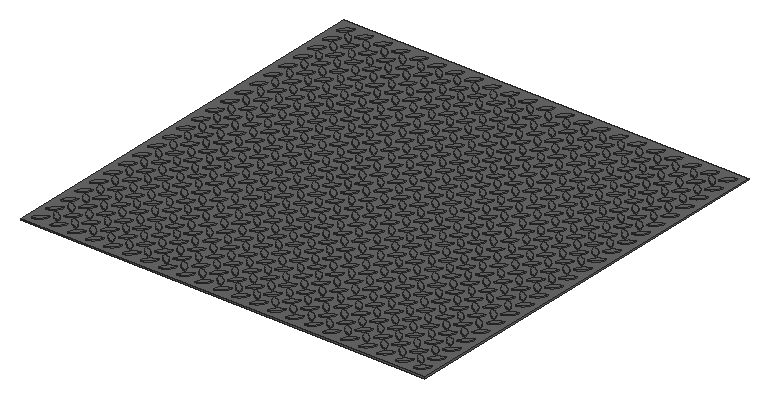
Revit family "141012021113804", category Modelos genéricos, Revit 2018 (continued)
Automatic sketch dimensions
  Blend 772 sketch curve to Blend 772 sketch curve = 0.855 mm  (x2)
  Blend 772 sketch curve to Blend 772 sketch curve = 0.00 mm  (x6)
  Blend 773 sketch curve to Blend 773 sketch curve = 23.647 mm  (x6)
  Blend 773 sketch curve to Blend 773 sketch curve = 16.459 mm  (x6)
  Blend 773 sketch curve to Blend 773 sketch curve = 0.855 mm  (x2)
  Blend 773 sketch curve to Blend 773 sketch curve = 0.00 mm  (x6)
  Blend 774 sketch curve to Blend 774 sketch curve = 23.647 mm  (x6)
  Blend 774 sketch curve to Blend 774 sketch curve = 16.459 mm  (x6)
  Blend 774 sketch curve to Blend 774 sketch curve = 0.855 mm  (x2)
  Blend 774 sketch curve to Blend 774 sketch curve = 0.00 mm  (x6)
  Blend 775 sketch curve to Blend 775 sketch curve = 23.647 mm  (x6)
  Blend 775 sketch curve to Blend 775 sketch curve = 16.459 mm  (x6)
  Blend 775 sketch curve to Blend 775 sketch curve = 0.855 mm  (x2)
  Blend 775 sketch curve to Blend 775 sketch curve = 0.00 mm  (x6)
  Blend 776 sketch curve to Blend 776 sketch curve = 23.647 mm  (x6)
  Blend 776 sketch curve to Blend 776 sketch curve = 16.459 mm  (x6)
  Blend 776 sketch curve to Blend 776 sketch curve = 0.855 mm  (x2)
  Blend 776 sketch curve to Blend 776 sketch curve = 0.00 mm  (x6)
  Blend 777 sketch curve to Blend 777 sketch curve = 23.647 mm  (x6)
  Blend 777 sketch curve to Blend 777 sketch curve = 16.459 mm  (x6)
  Blend 777 sketch curve to Blend 777 sketch curve = 0.855 mm  (x2)
  Blend 777 sketch curve to Blend 777 sketch curve = 0.00 mm  (x6)
  Blend 778 sketch curve to Blend 778 sketch curve = 23.647 mm  (x6)
  Blend 778 sketch curve to Blend 778 sketch curve = 16.459 mm  (x6)
  Blend 778 sketch curve to Blend 778 sketch curve = 0.855 mm  (x2)
  Blend 778 sketch curve to Blend 778 sketch curve = 0.00 mm  (x6)
  Blend 779 sketch curve to Blend 779 sketch curve = 23.647 mm  (x6)
  Blend 779 sketch curve to Blend 779 sketch curve = 16.459 mm  (x6)
  Blend 779 sketch curve to Blend 779 sketch curve = 0.855 mm  (x2)
  Blend 779 sketch curve to Blend 779 sketch curve = 0.00 mm  (x6)
  Blend 780 sketch curve to Blend 780 sketch curve = 23.647 mm  (x6)
  Blend 780 sketch curve to Blend 780 sketch curve = 16.459 mm  (x6)
  Blend 780 sketch curve to Blend 780 sketch curve = 0.855 mm  (x2)
  Blend 780 sketch curve to Blend 780 sketch curve = 0.00 mm  (x6)
  Blend 781 sketch curve to Blend 781 sketch curve = 23.647 mm  (x6)
  Blend 781 sketch curve to Blend 781 sketch curve = 16.459 mm  (x6)
  Blend 781 sketch curve to Blend 781 sketch curve = 0.855 mm  (x2)
  Blend 781 sketch curve to Blend 781 sketch curve = 0.00 mm  (x6)
  Blend 782 sketch curve to Blend 782 sketch curve = 23.647 mm  (x6)
  Blend 782 sketch curve to Blend 782 sketch curve = 16.459 mm  (x6)
  Blend 782 sketch curve to Blend 782 sketch curve = 0.855 mm  (x2)
  Blend 782 sketch curve to Blend 782 sketch curve = 0.00 mm  (x6)
  Blend 783 sketch curve to Blend 783 sketch curve = 23.647 mm  (x6)
  Blend 783 sketch curve to Blend 783 sketch curve = 16.459 mm  (x6)
  Blend 783 sketch curve to Blend 783 sketch curve = 0.855 mm  (x2)
  Blend 783 sketch curve to Blend 783 sketch curve = 0.00 mm  (x6)
  Blend 784 sketch curve to Blend 784 sketch curve = 23.647 mm  (x6)
  Blend 784 sketch curve to Blend 784 sketch curve = 16.459 mm  (x6)
  Blend 784 sketch curve to Blend 784 sketch curve = 0.855 mm  (x2)
  Blend 784 sketch curve to Blend 784 sketch curve = 0.00 mm  (x6)
  Blend 785 sketch curve to Blend 785 sketch curve = 23.647 mm  (x6)
  Blend 785 sketch curve to Blend 785 sketch curve = 16.459 mm  (x6)
  Blend 785 sketch curve to Blend 785 sketch curve = 0.855 mm  (x2)
  Blend 785 sketch curve to Blend 785 sketch curve = 0.00 mm  (x6)
  Blend 786 sketch curve to Blend 786 sketch curve = 23.647 mm  (x6)
  Blend 786 sketch curve to Blend 786 sketch curve = 16.459 mm  (x6)
  Blend 786 sketch curve to Blend 786 sketch curve = 0.855 mm  (x2)
  Blend 786 sketch curve to Blend 786 sketch curve = 0.00 mm  (x6)
  Blend 787 sketch curve to Blend 787 sketch curve = 23.647 mm  (x6)
  Blend 787 sketch curve to Blend 787 sketch curve = 16.459 mm  (x6)
  Blend 787 sketch curve to Blend 787 sketch curve = 0.855 mm  (x2)
  Blend 787 sketch curve to Blend 787 sketch curve = 0.00 mm  (x6)
  Blend 788 sketch curve to Blend 788 sketch curve = 23.647 mm  (x6)
  Blend 788 sketch curve to Blend 788 sketch curve = 16.459 mm  (x6)
  Blend 788 sketch curve to Blend 788 sketch curve = 0.855 mm  (x2)
  Blend 788 sketch curve to Blend 788 sketch curve = 0.00 mm  (x6)
  Blend 789 sketch curve to Blend 789 sketch curve = 23.647 mm  (x6)
  Blend 789 sketch curve to Blend 789 sketch curve = 16.459 mm  (x6)
  Blend 789 sketch curve to Blend 789 sketch curve = 0.855 mm  (x2)
  Blend 789 sketch curve to Blend 789 sketch curve = 0.00 mm  (x6)
  Blend 790 sketch curve to Blend 790 sketch curve = 23.647 mm  (x6)
  Blend 790 sketch curve to Blend 790 sketch curve = 16.459 mm  (x6)
  Blend 790 sketch curve to Blend 790 sketch curve = 0.855 mm  (x2)
  Blend 790 sketch curve to Blend 790 sketch curve = 0.00 mm  (x6)
  Blend 791 sketch curve to Blend 791 sketch curve = 23.647 mm  (x6)
  Blend 791 sketch curve to Blend 791 sketch curve = 16.459 mm  (x6)
  Blend 791 sketch curve to Blend 791 sketch curve = 0.855 mm  (x2)
  Blend 791 sketch curve to Blend 791 sketch curve = 0.00 mm  (x6)
  Blend 792 sketch curve to Blend 792 sketch curve = 23.647 mm  (x6)
  Blend 792 sketch curve to Blend 792 sketch curve = 16.459 mm  (x6)
  Blend 792 sketch curve to Blend 792 sketch curve = 0.855 mm  (x2)
  Blend 792 sketch curve to Blend 792 sketch curve = 0.00 mm  (x6)
  Blend 793 sketch curve to Blend 793 sketch curve = 23.647 mm  (x6)
  Blend 793 sketch curve to Blend 793 sketch curve = 16.459 mm  (x6)
  Blend 793 sketch curve to Blend 793 sketch curve = 0.855 mm  (x2)
  Blend 793 sketch curve to Blend 793 sketch curve = 0.00 mm  (x6)
  Blend 794 sketch curve to Blend 794 sketch curve = 23.647 mm  (x6)
  Blend 794 sketch curve to Blend 794 sketch curve = 16.459 mm  (x6)
  Blend 794 sketch curve to Blend 794 sketch curve = 0.855 mm  (x2)
  Blend 794 sketch curve to Blend 794 sketch curve = 0.00 mm  (x6)
  Blend 795 sketch curve to Blend 795 sketch curve = 23.647 mm  (x6)
  Blend 795 sketch curve to Blend 795 sketch curve = 16.459 mm  (x6)
  Blend 795 sketch curve to Blend 795 sketch curve = 0.855 mm  (x2)
  Blend 795 sketch curve to Blend 795 sketch curve = 0.00 mm  (x6)
  Blend 796 sketch curve to Blend 796 sketch curve = 23.647 mm  (x6)
  Blend 796 sketch curve to Blend 796 sketch curve = 16.459 mm  (x6)
  Blend 796 sketch curve to Blend 796 sketch curve = 0.855 mm  (x2)
  Blend 796 sketch curve to Blend 796 sketch curve = 0.00 mm  (x6)
  Blend 797 sketch curve to Blend 797 sketch curve = 23.647 mm  (x6)
  Blend 797 sketch curve to Blend 797 sketch curve = 16.459 mm  (x6)
  Blend 797 sketch curve to Blend 797 sketch curve = 0.855 mm  (x2)
  Blend 797 sketch curve to Blend 797 sketch curve = 0.00 mm  (x6)
  Blend 798 sketch curve to Blend 798 sketch curve = 23.647 mm  (x6)
  Blend 798 sketch curve to Blend 798 sketch curve = 16.459 mm  (x6)
  Blend 798 sketch curve to Blend 798 sketch curve = 0.855 mm  (x2)
  Blend 798 sketch curve to Blend 798 sketch curve = 0.00 mm  (x6)
  Blend 799 sketch curve to Blend 799 sketch curve = 23.647 mm  (x6)
  Blend 799 sketch curve to Blend 799 sketch curve = 16.459 mm  (x6)
  Blend 799 sketch curve to Blend 799 sketch curve = 0.855 mm  (x2)
  Blend 799 sketch curve to Blend 799 sketch curve = 0.00 mm  (x6)
  Blend 800 sketch curve to Blend 800 sketch curve = 23.647 mm  (x6)
  Blend 800 sketch curve to Blend 800 sketch curve = 16.459 mm  (x6)
  Blend 800 sketch curve to Blend 800 sketch curve = 0.855 mm  (x2)
  Blend 800 sketch curve to Blend 800 sketch curve = 0.00 mm  (x6)
  Blend 801 sketch curve to Blend 801 sketch curve = 23.647 mm  (x6)
  Blend 801 sketch curve to Blend 801 sketch curve = 16.459 mm  (x6)
  Blend 801 sketch curve to Blend 801 sketch curve = 0.855 mm  (x2)
  Blend 801 sketch curve to Blend 801 sketch curve = 0.00 mm  (x6)
  Blend 802 sketch curve to Blend 802 sketch curve = 23.647 mm  (x6)
  Blend 802 sketch curve to Blend 802 sketch curve = 16.459 mm  (x6)
  Blend 802 sketch curve to Blend 802 sketch curve = 0.855 mm  (x2)
  Blend 802 sketch curve to Blend 802 sketch curve = 0.00 mm  (x6)
  Blend 803 sketch curve to Blend 803 sketch curve = 23.647 mm  (x6)
  Blend 803 sketch curve to Blend 803 sketch curve = 16.459 mm  (x6)
  Blend 803 sketch curve to Blend 803 sketch curve = 0.855 mm  (x2)
  Blend 803 sketch curve to Blend 803 sketch curve = 0.00 mm  (x6)
  Blend 804 sketch curve to Blend 804 sketch curve = 23.647 mm  (x6)
  Blend 804 sketch curve to Blend 804 sketch curve = 16.459 mm  (x6)
  Blend 804 sketch curve to Blend 804 sketch curve = 0.855 mm  (x2)
  Blend 804 sketch curve to Blend 804 sketch curve = 0.00 mm  (x6)
  Blend 805 sketch curve to Blend 805 sketch curve = 23.647 mm  (x6)
  Blend 805 sketch curve to Blend 805 sketch curve = 16.459 mm  (x6)
  Blend 805 sketch curve to Blend 805 sketch curve = 0.855 mm  (x2)
  Blend 805 sketch curve to Blend 805 sketch curve = 0.00 mm  (x6)
  Blend 806 sketch curve to Blend 806 sketch curve = 23.647 mm  (x6)
  Blend 806 sketch curve to Blend 806 sketch curve = 16.459 mm  (x6)
  Blend 806 sketch curve to Blend 806 sketch curve = 0.855 mm  (x2)
  Blend 806 sketch curve to Blend 806 sketch curve = 0.00 mm  (x6)
  Blend 807 sketch curve to Blend 807 sketch curve = 23.647 mm  (x6)
  Blend 807 sketch curve to Blend 807 sketch curve = 16.459 mm  (x6)
  Blend 807 sketch curve to Blend 807 sketch curve = 0.855 mm  (x2)
  Blend 807 sketch curve to Blend 807 sketch curve = 0.00 mm  (x6)
  Blend 808 sketch curve to Blend 808 sketch curve = 23.647 mm  (x6)
  Blend 808 sketch curve to Blend 808 sketch curve = 16.459 mm  (x6)
  Blend 808 sketch curve to Blend 808 sketch curve = 0.855 mm  (x2)
  Blend 808 sketch curve to Blend 808 sketch curve = 0.00 mm  (x6)
  Blend 809 sketch curve to Blend 809 sketch curve = 23.647 mm  (x6)
  Blend 809 sketch curve to Blend 809 sketch curve = 16.459 mm  (x6)
  Blend 809 sketch curve to Blend 809 sketch curve = 0.855 mm  (x2)
  Blend 809 sketch curve to Blend 809 sketch curve = 0.00 mm  (x6)
  Blend 810 sketch curve to Blend 810 sketch curve = 23.647 mm  (x6)
  Blend 810 sketch curve to Blend 810 sketch curve = 16.459 mm  (x6)
  Blend 810 sketch curve to Blend 810 sketch curve = 0.855 mm  (x2)
  Blend 810 sketch curve to Blend 810 sketch curve = 0.00 mm  (x6)
  Blend 811 sketch curve to Blend 811 sketch curve = 23.647 mm  (x6)
  Blend 811 sketch curve to Blend 811 sketch curve = 16.459 mm  (x6)
  Blend 811 sketch curve to Blend 811 sketch curve = 0.855 mm  (x2)
  Blend 811 sketch curve to Blend 811 sketch curve = 0.00 mm  (x6)
  Blend 812 sketch curve to Blend 812 sketch curve = 23.647 mm  (x6)
  Blend 812 sketch curve to Blend 812 sketch curve = 16.459 mm  (x6)
  Blend 812 sketch curve to Blend 812 sketch curve = 0.855 mm  (x2)
  Blend 812 sketch curve to Blend 812 sketch curve = 0.00 mm  (x6)
  Blend 813 sketch curve to Blend 813 sketch curve = 23.647 mm  (x6)
  Blend 813 sketch curve to Blend 813 sketch curve = 16.459 mm  (x6)
  Blend 813 sketch curve to Blend 813 sketch curve = 0.855 mm  (x2)
  Blend 813 sketch curve to Blend 813 sketch curve = 0.00 mm  (x6)
  Blend 814 sketch curve to Blend 814 sketch curve = 23.647 mm  (x6)
  Blend 814 sketch curve to Blend 814 sketch curve = 16.459 mm  (x6)
  Blend 814 sketch curve to Blend 814 sketch curve = 0.855 mm  (x2)
  Blend 814 sketch curve to Blend 814 sketch curve = 0.00 mm  (x6)
  Blend 815 sketch curve to Blend 815 sketch curve = 23.647 mm  (x6)
  Blend 815 sketch curve to Blend 815 sketch curve = 16.459 mm  (x6)
  Blend 815 sketch curve to Blend 815 sketch curve = 0.855 mm  (x2)
  Blend 815 sketch curve to Blend 815 sketch curve = 0.00 mm  (x6)
  Blend 816 sketch curve to Blend 816 sketch curve = 23.647 mm  (x6)
  Blend 816 sketch curve to Blend 816 sketch curve = 16.459 mm  (x6)
  Blend 816 sketch curve to Blend 816 sketch curve = 0.855 mm  (x2)
  Blend 816 sketch curve to Blend 816 sketch curve = 0.00 mm  (x6)
  Blend 817 sketch curve to Blend 817 sketch curve = 23.647 mm  (x6)
  Blend 817 sketch curve to Blend 817 sketch curve = 16.459 mm  (x6)
  Blend 817 sketch curve to Blend 817 sketch curve = 0.855 mm  (x2)
  Blend 817 sketch curve to Blend 817 sketch curve = 0.00 mm  (x6)
  Blend 818 sketch curve to Blend 818 sketch curve = 23.647 mm  (x6)
  Blend 818 sketch curve to Blend 818 sketch curve = 16.459 mm  (x6)
  Blend 818 sketch curve to Blend 818 sketch curve = 0.855 mm  (x2)
  Blend 818 sketch curve to Blend 818 sketch curve = 0.00 mm  (x6)
  Blend 819 sketch curve to Blend 819 sketch curve = 23.647 mm  (x6)
  Blend 819 sketch curve to Blend 819 sketch curve = 16.459 mm  (x6)
  Blend 819 sketch curve to Blend 819 sketch curve = 0.855 mm  (x2)
  Blend 819 sketch curve to Blend 819 sketch curve = 0.00 mm  (x6)
  Blend 820 sketch curve to Blend 820 sketch curve = 23.647 mm  (x6)
  Blend 820 sketch curve to Blend 820 sketch curve = 16.459 mm  (x6)
  Blend 820 sketch curve to Blend 820 sketch curve = 0.855 mm  (x2)
  Blend 820 sketch curve to Blend 820 sketch curve = 0.00 mm  (x6)
  Blend 821 sketch curve to Blend 821 sketch curve = 23.647 mm  (x6)
  Blend 821 sketch curve to Blend 821 sketch curve = 16.459 mm  (x6)
  Blend 821 sketch curve to Blend 821 sketch curve = 0.855 mm  (x2)
  Blend 821 sketch curve to Blend 821 sketch curve = 0.00 mm  (x6)
  Blend 822 sketch curve to Blend 822 sketch curve = 23.647 mm  (x6)
  Blend 822 sketch curve to Blend 822 sketch curve = 16.459 mm  (x6)
  Blend 822 sketch curve to Blend 822 sketch curve = 0.855 mm  (x2)
  Blend 822 sketch curve to Blend 822 sketch curve = 0.00 mm  (x6)
  Blend 823 sketch curve to Blend 823 sketch curve = 23.647 mm  (x6)
  Blend 823 sketch curve to Blend 823 sketch curve = 16.459 mm  (x6)
  Blend 823 sketch curve to Blend 823 sketch curve = 0.855 mm  (x2)
  Blend 823 sketch curve to Blend 823 sketch curve = 0.00 mm  (x6)
  Blend 824 sketch curve to Blend 824 sketch curve = 23.647 mm  (x6)
  Blend 824 sketch curve to Blend 824 sketch curve = 16.459 mm  (x6)
  Blend 824 sketch curve to Blend 824 sketch curve = 0.855 mm  (x2)
  Blend 824 sketch curve to Blend 824 sketch curve = 0.00 mm  (x6)
  Blend 825 sketch curve to Blend 825 sketch curve = 23.647 mm  (x6)
  Blend 825 sketch curve to Blend 825 sketch curve = 16.459 mm  (x6)
  Blend 825 sketch curve to Blend 825 sketch curve = 0.855 mm  (x2)
  Blend 825 sketch curve to Blend 825 sketch curve = 0.00 mm  (x6)
  Blend 826 sketch curve to Blend 826 sketch curve = 23.647 mm  (x6)
  Blend 826 sketch curve to Blend 826 sketch curve = 16.459 mm  (x6)
  Blend 826 sketch curve to Blend 826 sketch curve = 0.855 mm  (x2)
  Blend 826 sketch curve to Blend 826 sketch curve = 0.00 mm  (x6)
  Blend 827 sketch curve to Blend 827 sketch curve = 23.647 mm  (x6)
  Blend 827 sketch curve to Blend 827 sketch curve = 16.459 mm  (x6)
  Blend 827 sketch curve to Blend 827 sketch curve = 0.855 mm  (x2)
  Blend 827 sketch curve to Blend 827 sketch curve = 0.00 mm  (x6)
  Blend 828 sketch curve to Blend 828 sketch curve = 23.647 mm  (x6)
  Blend 828 sketch curve to Blend 828 sketch curve = 16.459 mm  (x6)
  Blend 828 sketch curve to Blend 828 sketch curve = 0.855 mm  (x2)
  Blend 828 sketch curve to Blend 828 sketch curve = 0.00 mm  (x6)
  Blend 829 sketch curve to Blend 829 sketch curve = 23.647 mm  (x6)
  Blend 829 sketch curve to Blend 829 sketch curve = 16.459 mm  (x6)
  Blend 829 sketch curve to Blend 829 sketch curve = 0.855 mm  (x2)
  Blend 829 sketch curve to Blend 829 sketch curve = 0.00 mm  (x6)
  Blend 830 sketch curve to Blend 830 sketch curve = 23.647 mm  (x6)
  Blend 830 sketch curve to Blend 830 sketch curve = 16.459 mm  (x6)
  Blend 830 sketch curve to Blend 830 sketch curve = 0.855 mm  (x2)
  Blend 830 sketch curve to Blend 830 sketch curve = 0.00 mm  (x6)
  Blend 831 sketch curve to Blend 831 sketch curve = 23.647 mm  (x6)
  Blend 831 sketch curve to Blend 831 sketch curve = 16.459 mm  (x6)
  Blend 831 sketch curve to Blend 831 sketch curve = 0.855 mm  (x2)
  Blend 831 sketch curve to Blend 831 sketch curve = 0.00 mm  (x6)
  Blend 832 sketch curve to Blend 832 sketch curve = 23.647 mm  (x6)
  Blend 832 sketch curve to Blend 832 sketch curve = 16.459 mm  (x6)
  Blend 832 sketch curve to Blend 832 sketch curve = 0.855 mm  (x2)
  Blend 832 sketch curve to Blend 832 sketch curve = 0.00 mm  (x6)
  Blend 833 sketch curve to Blend 833 sketch curve = 23.647 mm  (x6)
  Blend 833 sketch curve to Blend 833 sketch curve = 16.459 mm  (x6)
  Blend 833 sketch curve to Blend 833 sketch curve = 0.855 mm  (x2)
  Blend 833 sketch curve to Blend 833 sketch curve = 0.00 mm  (x6)
  Blend 834 sketch curve to Blend 834 sketch curve = 23.647 mm  (x6)
  Blend 834 sketch curve to Blend 834 sketch curve = 16.459 mm  (x6)
  Blend 834 sketch curve to Blend 834 sketch curve = 0.855 mm  (x2)
  Blend 834 sketch curve to Blend 834 sketch curve = 0.00 mm  (x6)
  Blend 835 sketch curve to Blend 835 sketch curve = 23.647 mm  (x6)
  Blend 835 sketch curve to Blend 835 sketch curve = 16.459 mm  (x6)
  Blend 835 sketch curve to Blend 835 sketch curve = 0.855 mm  (x2)
  Blend 835 sketch curve to Blend 835 sketch curve = 0.00 mm  (x6)
  Blend 836 sketch curve to Blend 836 sketch curve = 23.647 mm  (x6)
  Blend 836 sketch curve to Blend 836 sketch curve = 16.459 mm  (x6)
  Blend 836 sketch curve to Blend 836 sketch curve = 0.855 mm  (x2)
  Blend 836 sketch curve to Blend 836 sketch curve = 0.00 mm  (x6)
  Blend 837 sketch curve to Blend 837 sketch curve = 23.647 mm  (x6)
  Blend 837 sketch curve to Blend 837 sketch curve = 16.459 mm  (x6)
  Blend 837 sketch curve to Blend 837 sketch curve = 0.855 mm  (x2)
  Blend 837 sketch curve to Blend 837 sketch curve = 0.00 mm  (x6)
  Blend 838 sketch curve to Blend 838 sketch curve = 23.647 mm  (x6)
  Blend 838 sketch curve to Blend 838 sketch curve = 16.459 mm  (x6)
  Blend 838 sketch curve to Blend 838 sketch curve = 0.855 mm  (x2)
  Blend 838 sketch curve to Blend 838 sketch curve = 0.00 mm  (x6)
  Blend 839 sketch curve to Blend 839 sketch curve = 23.647 mm  (x6)
  Blend 839 sketch curve to Blend 839 sketch curve = 16.459 mm  (x6)
  Blend 839 sketch curve to Blend 839 sketch curve = 0.855 mm  (x2)
  Blend 839 sketch curve to Blend 839 sketch curve = 0.00 mm  (x6)
  Blend 840 sketch curve to Blend 840 sketch curve = 23.647 mm  (x6)
  Blend 840 sketch curve to Blend 840 sketch curve = 16.459 mm  (x6)
  Blend 840 sketch curve to Blend 840 sketch curve = 0.855 mm  (x2)
  Blend 840 sketch curve to Blend 840 sketch curve = 0.00 mm  (x6)
  Blend 841 sketch curve to Blend 841 sketch curve = 23.647 mm  (x6)
  Blend 841 sketch curve to Blend 841 sketch curve = 16.459 mm  (x6)
  Blend 841 sketch curve to Blend 841 sketch curve = 0.855 mm  (x2)
  Blend 841 sketch curve to Blend 841 sketch curve = 0.00 mm  (x6)
  Blend 842 sketch curve to Blend 842 sketch curve = 23.647 mm  (x6)
  Blend 842 sketch curve to Blend 842 sketch curve = 16.459 mm  (x6)
  Blend 842 sketch curve to Blend 842 sketch curve = 0.855 mm  (x2)
  Blend 842 sketch curve to Blend 842 sketch curve = 0.00 mm  (x6)
  Blend 843 sketch curve to Blend 843 sketch curve = 23.647 mm  (x6)
  Blend 843 sketch curve to Blend 843 sketch curve = 16.459 mm  (x6)
  Blend 843 sketch curve to Blend 843 sketch curve = 0.855 mm  (x2)
  Blend 843 sketch curve to Blend 843 sketch curve = 0.00 mm  (x6)
  Blend 844 sketch curve to Blend 844 sketch curve = 23.647 mm  (x6)
  Blend 844 sketch curve to Blend 844 sketch curve = 16.459 mm  (x6)
  Blend 844 sketch curve to Blend 844 sketch curve = 0.855 mm  (x2)
  Blend 844 sketch curve to Blend 844 sketch curve = 0.00 mm  (x6)
  Blend 845 sketch curve to Blend 845 sketch curve = 23.647 mm  (x6)
  Blend 845 sketch curve to Blend 845 sketch curve = 16.459 mm  (x6)
  Blend 845 sketch curve to Blend 845 sketch curve = 0.855 mm  (x2)
  Blend 845 sketch curve to Blend 845 sketch curve = 0.00 mm  (x6)
  Blend 846 sketch curve to Blend 846 sketch curve = 23.647 mm  (x6)
  Blend 846 sketch curve to Blend 846 sketch curve = 16.459 mm  (x6)
  Blend 846 sketch curve to Blend 846 sketch curve = 0.855 mm  (x2)
  Blend 846 sketch curve to Blend 846 sketch curve = 0.00 mm  (x6)
  Blend 847 sketch curve to Blend 847 sketch curve = 23.647 mm  (x6)
  Blend 847 sketch curve to Blend 847 sketch curve = 16.459 mm  (x6)
  Blend 847 sketch curve to Blend 847 sketch curve = 0.855 mm  (x2)
  Blend 847 sketch curve to Blend 847 sketch curve = 0.00 mm  (x6)
  Blend 848 sketch curve to Blend 848 sketch curve = 23.647 mm  (x6)
  Blend 848 sketch curve to Blend 848 sketch curve = 16.459 mm  (x6)
  Blend 848 sketch curve to Blend 848 sketch curve = 0.855 mm  (x2)
  Blend 848 sketch curve to Blend 848 sketch curve = 0.00 mm  (x6)
  Blend 849 sketch curve to Blend 849 sketch curve = 23.647 mm  (x6)
  Blend 849 sketch curve to Blend 849 sketch curve = 16.459 mm  (x6)
  Blend 849 sketch curve to Blend 849 sketch curve = 0.855 mm  (x2)
  Blend 849 sketch curve to Blend 849 sketch curve = 0.00 mm  (x6)
  Blend 850 sketch curve to Blend 850 sketch curve = 23.647 mm  (x6)
  Blend 850 sketch curve to Blend 850 sketch curve = 16.459 mm  (x6)
  Blend 850 sketch curve to Blend 850 sketch curve = 0.855 mm  (x2)
  Blend 850 sketch curve to Blend 850 sketch curve = 0.00 mm  (x6)
  Blend 851 sketch curve to Blend 851 sketch curve = 23.647 mm  (x6)
  Blend 851 sketch curve to Blend 851 sketch curve = 16.459 mm  (x6)
  Blend 851 sketch curve to Blend 851 sketch curve = 0.855 mm  (x2)
  Blend 851 sketch curve to Blend 851 sketch curve = 0.00 mm  (x6)
  Blend 852 sketch curve to Blend 852 sketch curve = 23.647 mm  (x6)
  Blend 852 sketch curve to Blend 852 sketch curve = 16.459 mm  (x6)
  Blend 852 sketch curve to Blend 852 sketch curve = 0.855 mm  (x2)
  Blend 852 sketch curve to Blend 852 sketch curve = 0.00 mm  (x6)
  Blend 853 sketch curve to Blend 853 sketch curve = 23.647 mm  (x6)
  Blend 853 sketch curve to Blend 853 sketch curve = 16.459 mm  (x6)
  Blend 853 sketch curve to Blend 853 sketch curve = 0.855 mm  (x2)
  Blend 853 sketch curve to Blend 853 sketch curve = 0.00 mm  (x6)
  Blend 854 sketch curve to Blend 854 sketch curve = 23.647 mm  (x6)
  Blend 854 sketch curve to Blend 854 sketch curve = 16.459 mm  (x6)
  Blend 854 sketch curve to Blend 854 sketch curve = 0.855 mm  (x2)
  Blend 854 sketch curve to Blend 854 sketch curve = 0.00 mm  (x6)
  Blend 855 sketch curve to Blend 855 sketch curve = 23.647 mm  (x6)
  Blend 855 sketch curve to Blend 855 sketch curve = 16.459 mm  (x6)
  Blend 855 sketch curve to Blend 855 sketch curve = 0.855 mm  (x2)
  Blend 855 sketch curve to Blend 855 sketch curve = 0.00 mm  (x6)
  Blend 856 sketch curve to Blend 856 sketch curve = 23.647 mm  (x6)
  Blend 856 sketch curve to Blend 856 sketch curve = 16.459 mm  (x6)
  Blend 856 sketch curve to Blend 856 sketch curve = 0.855 mm  (x2)
  Blend 856 sketch curve to Blend 856 sketch curve = 0.00 mm  (x6)
  Blend 857 sketch curve to Blend 857 sketch curve = 23.647 mm  (x6)
  Blend 857 sketch curve to Blend 857 sketch curve = 16.459 mm  (x6)
  Blend 857 sketch curve to Blend 857 sketch curve = 0.855 mm  (x2)
  Blend 857 sketch curve to Blend 857 sketch curve = 0.00 mm  (x6)
  Blend 858 sketch curve to Blend 858 sketch curve = 23.647 mm  (x6)
  Blend 858 sketch curve to Blend 858 sketch curve = 16.459 mm  (x6)
  Blend 858 sketch curve to Blend 858 sketch curve = 0.855 mm  (x2)
  Blend 858 sketch curve to Blend 858 sketch curve = 0.00 mm  (x6)
  Blend 859 sketch curve to Blend 859 sketch curve = 23.647 mm  (x6)
  Blend 859 sketch curve to Blend 859 sketch curve = 16.459 mm  (x6)
  Blend 859 sketch curve to Blend 859 sketch curve = 0.855 mm  (x2)
  Blend 859 sketch curve to Blend 859 sketch curve = 0.00 mm  (x6)
  Blend 860 sketch curve to Blend 860 sketch curve = 23.647 mm  (x6)
  Blend 860 sketch curve to Blend 860 sketch curve = 16.459 mm  (x6)
  Blend 860 sketch curve to Blend 860 sketch curve = 0.855 mm  (x2)
  Blend 860 sketch curve to Blend 860 sketch curve = 0.00 mm  (x6)
  Blend 861 sketch curve to Blend 861 sketch curve = 23.647 mm  (x6)
  Blend 861 sketch curve to Blend 861 sketch curve = 16.459 mm  (x6)
  Blend 861 sketch curve to Blend 861 sketch curve = 0.855 mm  (x2)
  Blend 861 sketch curve to Blend 861 sketch curve = 0.00 mm  (x6)
  Blend 862 sketch curve to Blend 862 sketch curve = 23.647 mm  (x6)
  Blend 862 sketch curve to Blend 862 sketch curve = 16.459 mm  (x6)
  Blend 862 sketch curve to Blend 862 sketch curve = 0.855 mm  (x2)
  Blend 862 sketch curve to Blend 862 sketch curve = 0.00 mm  (x6)
  Blend 863 sketch curve to Blend 863 sketch curve = 23.647 mm  (x6)
  Blend 863 sketch curve to Blend 863 sketch curve = 16.459 mm  (x6)
  Blend 863 sketch curve to Blend 863 sketch curve = 0.855 mm  (x2)
  Blend 863 sketch curve to Blend 863 sketch curve = 0.00 mm  (x6)
  Blend 864 sketch curve to Blend 864 sketch curve = 23.647 mm  (x6)
  Blend 864 sketch curve to Blend 864 sketch curve = 16.459 mm  (x6)
  Blend 864 sketch curve to Blend 864 sketch curve = 0.855 mm  (x2)
  Blend 864 sketch curve to Blend 864 sketch curve = 0.00 mm  (x6)
  Blend 865 sketch curve to Blend 865 sketch curve = 23.647 mm  (x6)
  Blend 865 sketch curve to Blend 865 sketch curve = 16.459 mm  (x6)
  Blend 865 sketch curve to Blend 865 sketch curve = 0.855 mm  (x2)
  Blend 865 sketch curve to Blend 865 sketch curve = 0.00 mm  (x6)
  Blend 866 sketch curve to Blend 866 sketch curve = 23.647 mm  (x6)
  Blend 866 sketch curve to Blend 866 sketch curve = 16.459 mm  (x6)
  Blend 866 sketch curve to Blend 866 sketch curve = 0.855 mm  (x2)
  Blend 866 sketch curve to Blend 866 sketch curve = 0.00 mm  (x6)
  Blend 867 sketch curve to Blend 867 sketch curve = 23.647 mm  (x6)
  Blend 867 sketch curve to Blend 867 sketch curve = 16.459 mm  (x6)
  Blend 867 sketch curve to Blend 867 sketch curve = 0.855 mm  (x2)
  Blend 867 sketch curve to Blend 867 sketch curve = 0.00 mm  (x6)
  Blend 868 sketch curve to Blend 868 sketch curve = 23.647 mm  (x6)
  Blend 868 sketch curve to Blend 868 sketch curve = 16.459 mm  (x6)
  Blend 868 sketch curve to Blend 868 sketch curve = 0.855 mm  (x2)
  Blend 868 sketch curve to Blend 868 sketch curve = 0.00 mm  (x6)
  Blend 869 sketch curve to Blend 869 sketch curve = 23.647 mm  (x6)
  Blend 869 sketch curve to Blend 869 sketch curve = 16.459 mm  (x6)
  Blend 869 sketch curve to Blend 869 sketch curve = 0.855 mm  (x2)
  Blend 869 sketch curve to Blend 869 sketch curve = 0.00 mm  (x6)
  Blend 870 sketch curve to Blend 870 sketch curve = 23.647 mm  (x6)
  Blend 870 sketch curve to Blend 870 sketch curve = 16.459 mm  (x6)
  Blend 870 sketch curve to Blend 870 sketch curve = 0.855 mm  (x2)
  Blend 870 sketch curve to Blend 870 sketch curve = 0.00 mm  (x6)
  Blend 871 sketch curve to Blend 871 sketch curve = 23.647 mm  (x6)
  Blend 871 sketch curve to Blend 871 sketch curve = 16.459 mm  (x6)
  Blend 871 sketch curve to Blend 871 sketch curve = 0.855 mm  (x2)
  Blend 871 sketch curve to Blend 871 sketch curve = 0.00 mm  (x6)
  Blend 872 sketch curve to Blend 872 sketch curve = 23.647 mm  (x6)
  Blend 872 sketch curve to Blend 872 sketch curve = 16.459 mm  (x6)
  Blend 872 sketch curve to Blend 872 sketch curve = 0.855 mm  (x2)
  Blend 872 sketch curve to Blend 872 sketch curve = 0.00 mm  (x6)
  Blend 873 sketch curve to Blend 873 sketch curve = 23.647 mm  (x6)
  Blend 873 sketch curve to Blend 873 sketch curve = 16.459 mm  (x6)
  Blend 873 sketch curve to Blend 873 sketch curve = 0.855 mm  (x2)
  Blend 873 sketch curve to Blend 873 sketch curve = 0.00 mm  (x6)
  Blend 874 sketch curve to Blend 874 sketch curve = 23.647 mm  (x6)
  Blend 874 sketch curve to Blend 874 sketch curve = 16.459 mm  (x6)
  Blend 874 sketch curve to Blend 874 sketch curve = 0.855 mm  (x2)
  Blend 874 sketch curve to Blend 874 sketch curve = 0.00 mm  (x6)
  Blend 875 sketch curve to Blend 875 sketch curve = 23.647 mm  (x6)
  Blend 875 sketch curve to Blend 875 sketch curve = 16.459 mm  (x6)
  Blend 875 sketch curve to Blend 875 sketch curve = 0.855 mm  (x2)
  Blend 875 sketch curve to Blend 875 sketch curve = 0.00 mm  (x6)
  Blend 876 sketch curve to Blend 876 sketch curve = 23.647 mm  (x6)
  Blend 876 sketch curve to Blend 876 sketch curve = 16.459 mm  (x6)
  Blend 876 sketch curve to Blend 876 sketch curve = 0.855 mm  (x2)
  Blend 876 sketch curve to Blend 876 sketch curve = 0.00 mm  (x6)
  Blend 877 sketch curve to Blend 877 sketch curve = 23.647 mm  (x6)
  Blend 877 sketch curve to Blend 877 sketch curve = 16.459 mm  (x6)
  Blend 877 sketch curve to Blend 877 sketch curve = 0.855 mm  (x2)
  Blend 877 sketch curve to Blend 877 sketch curve = 0.00 mm  (x6)
  Blend 878 sketch curve to Blend 878 sketch curve = 23.647 mm  (x6)
  Blend 878 sketch curve to Blend 878 sketch curve = 16.459 mm  (x6)
  Blend 878 sketch curve to Blend 878 sketch curve = 0.855 mm  (x2)
  Blend 878 sketch curve to Blend 878 sketch curve = 0.00 mm  (x6)
  Blend 879 sketch curve to Blend 879 sketch curve = 23.647 mm  (x6)
  Blend 879 sketch curve to Blend 879 sketch curve = 16.459 mm  (x6)
  Blend 879 sketch curve to Blend 879 sketch curve = 0.855 mm  (x2)
  Blend 879 sketch curve to Blend 879 sketch curve = 0.00 mm  (x6)
  Blend 880 sketch curve to Blend 880 sketch curve = 23.647 mm  (x6)
  Blend 880 sketch curve to Blend 880 sketch curve = 16.459 mm  (x6)
  Blend 880 sketch curve to Blend 880 sketch curve = 0.855 mm  (x2)
  Blend 880 sketch curve to Blend 880 sketch curve = 0.00 mm  (x6)
  Blend 881 sketch curve to Blend 881 sketch curve = 23.647 mm  (x6)
  Blend 881 sketch curve to Blend 881 sketch curve = 16.459 mm  (x6)
  Blend 881 sketch curve to Blend 881 sketch curve = 0.855 mm  (x2)
  Blend 881 sketch curve to Blend 881 sketch curve = 0.00 mm  (x6)
  Blend 882 sketch curve to Blend 882 sketch curve = 23.647 mm  (x6)
  Blend 882 sketch curve to Blend 882 sketch curve = 16.459 mm  (x6)
  Blend 882 sketch curve to Blend 882 sketch curve = 0.855 mm  (x2)
  Blend 882 sketch curve to Blend 882 sketch curve = 0.00 mm  (x6)
  Blend 883 sketch curve to Blend 883 sketch curve = 23.647 mm  (x6)
  Blend 883 sketch curve to Blend 883 sketch curve = 16.459 mm  (x6)
  Blend 883 sketch curve to Blend 883 sketch curve = 0.855 mm  (x2)
  Blend 883 sketch curve to Blend 883 sketch curve = 0.00 mm  (x6)
  Blend 884 sketch curve to Blend 884 sketch curve = 23.647 mm  (x6)
  Blend 884 sketch curve to Blend 884 sketch curve = 16.459 mm  (x6)
  Blend 884 sketch curve to Blend 884 sketch curve = 0.855 mm  (x2)
  Blend 884 sketch curve to Blend 884 sketch curve = 0.00 mm  (x6)
  Blend 885 sketch curve to Blend 885 sketch curve = 23.647 mm  (x6)
  Blend 885 sketch curve to Blend 885 sketch curve = 16.459 mm  (x6)
  Blend 885 sketch curve to Blend 885 sketch curve = 0.855 mm  (x2)
  Blend 885 sketch curve to Blend 885 sketch curve = 0.00 mm  (x6)
  Blend 886 sketch curve to Blend 886 sketch curve = 23.647 mm  (x6)
  Blend 886 sketch curve to Blend 886 sketch curve = 16.459 mm  (x6)
  Blend 886 sketch curve to Blend 886 sketch curve = 0.855 mm  (x2)
  Blend 886 sketch curve to Blend 886 sketch curve = 0.00 mm  (x6)
  Blend 887 sketch curve to Blend 887 sketch curve = 23.647 mm  (x6)
  Blend 887 sketch curve to Blend 887 sketch curve = 16.459 mm  (x6)
  Blend 887 sketch curve to Blend 887 sketch curve = 0.855 mm  (x2)
  Blend 887 sketch curve to Blend 887 sketch curve = 0.00 mm  (x6)
  Blend 888 sketch curve to Blend 888 sketch curve = 23.647 mm  (x6)
  Blend 888 sketch curve to Blend 888 sketch curve = 16.459 mm  (x6)
  Blend 888 sketch curve to Blend 888 sketch curve = 0.855 mm  (x2)
  Blend 888 sketch curve to Blend 888 sketch curve = 0.00 mm  (x6)
  Blend 889 sketch curve to Blend 889 sketch curve = 23.647 mm  (x6)
  Blend 889 sketch curve to Blend 889 sketch curve = 16.459 mm  (x6)
  Blend 889 sketch curve to Blend 889 sketch curve = 0.855 mm  (x2)
  Blend 889 sketch curve to Blend 889 sketch curve = 0.00 mm  (x6)
  Blend 890 sketch curve to Blend 890 sketch curve = 23.647 mm  (x6)
  Blend 890 sketch curve to Blend 890 sketch curve = 16.459 mm  (x6)
  Blend 890 sketch curve to Blend 890 sketch curve = 0.855 mm  (x2)
  Blend 890 sketch curve to Blend 890 sketch curve = 0.00 mm  (x6)
  Blend 891 sketch curve to Blend 891 sketch curve = 23.647 mm  (x6)
  Blend 891 sketch curve to Blend 891 sketch curve = 16.459 mm  (x6)
  Blend 891 sketch curve to Blend 891 sketch curve = 0.855 mm  (x2)
  Blend 891 sketch curve to Blend 891 sketch curve = 0.00 mm  (x6)
  Blend 892 sketch curve to Blend 892 sketch curve = 23.647 mm  (x6)
  Blend 892 sketch curve to Blend 892 sketch curve = 16.459 mm  (x6)
  Blend 892 sketch curve to Blend 892 sketch curve = 0.855 mm  (x2)
  Blend 892 sketch curve to Blend 892 sketch curve = 0.00 mm  (x6)
  Blend 893 sketch curve to Blend 893 sketch curve = 23.647 mm  (x6)
  Blend 893 sketch curve to Blend 893 sketch curve = 16.459 mm  (x6)
  Blend 893 sketch curve to Blend 893 sketch curve = 0.855 mm  (x2)
  Blend 893 sketch curve to Blend 893 sketch curve = 0.00 mm  (x6)
  Blend 894 sketch curve to Blend 894 sketch curve = 23.647 mm  (x6)
  Blend 894 sketch curve to Blend 894 sketch curve = 16.459 mm  (x6)
  Blend 894 sketch curve to Blend 894 sketch curve = 0.855 mm  (x2)
  Blend 894 sketch curve to Blend 894 sketch curve = 0.00 mm  (x6)
  Blend 895 sketch curve to Blend 895 sketch curve = 23.647 mm  (x6)
  Blend 895 sketch curve to Blend 895 sketch curve = 16.459 mm  (x6)
  Blend 895 sketch curve to Blend 895 sketch curve = 0.855 mm  (x2)
  Blend 895 sketch curve to Blend 895 sketch curve = 0.00 mm  (x6)
  Blend 896 sketch curve to Blend 896 sketch curve = 23.647 mm  (x6)
  Blend 896 sketch curve to Blend 896 sketch curve = 16.459 mm  (x6)
  Blend 896 sketch curve to Blend 896 sketch curve = 0.855 mm  (x2)
  Blend 896 sketch curve to Blend 896 sketch curve = 0.00 mm  (x6)
  Blend 897 sketch curve to Blend 897 sketch curve = 23.647 mm  (x6)
  Blend 897 sketch curve to Blend 897 sketch curve = 16.459 mm  (x6)
  Blend 897 sketch curve to Blend 897 sketch curve = 0.855 mm  (x2)
  Blend 897 sketch curve to Blend 897 sketch curve = 0.00 mm  (x6)
  Blend 898 sketch curve to Blend 898 sketch curve = 23.647 mm  (x6)
  Blend 898 sketch curve to Blend 898 sketch curve = 16.459 mm  (x6)
  Blend 898 sketch curve to Blend 898 sketch curve = 0.855 mm  (x2)
  Blend 898 sketch curve to Blend 898 sketch curve = 0.00 mm  (x6)
  Blend 899 sketch curve to Blend 899 sketch curve = 23.647 mm  (x6)
  Blend 899 sketch curve to Blend 899 sketch curve = 16.459 mm  (x6)
  Blend 899 sketch curve to Blend 899 sketch curve = 0.855 mm  (x2)
  Blend 899 sketch curve to Blend 899 sketch curve = 0.00 mm  (x6)
  Blend 900 sketch curve to Blend 900 sketch curve = 23.647 mm  (x6)
  Blend 900 sketch curve to Blend 900 sketch curve = 16.459 mm  (x6)
  Blend 900 sketch curve to Blend 900 sketch curve = 0.855 mm  (x2)
  Blend 900 sketch curve to Blend 900 sketch curve = 0.00 mm  (x6)
  Blend 901 sketch curve to Blend 901 sketch curve = 23.647 mm  (x6)
  Blend 901 sketch curve to Blend 901 sketch curve = 16.459 mm  (x6)
  Blend 901 sketch curve to Blend 901 sketch curve = 0.855 mm  (x2)
  Blend 901 sketch curve to Blend 901 sketch curve = 0.00 mm  (x6)
  Blend 902 sketch curve to Blend 902 sketch curve = 23.647 mm  (x6)
  Blend 902 sketch curve to Blend 902 sketch curve = 16.459 mm  (x6)
  Blend 902 sketch curve to Blend 902 sketch curve = 0.855 mm  (x2)
  Blend 902 sketch curve to Blend 902 sketch curve = 0.00 mm  (x6)
  Blend 903 sketch curve to Blend 903 sketch curve = 23.647 mm  (x6)
  Blend 903 sketch curve to Blend 903 sketch curve = 16.459 mm  (x6)
  Blend 903 sketch curve to Blend 903 sketch curve = 0.855 mm  (x2)
  Blend 903 sketch curve to Blend 903 sketch curve = 0.00 mm  (x6)
  Blend 904 sketch curve to Blend 904 sketch curve = 23.647 mm  (x6)
  Blend 904 sketch curve to Blend 904 sketch curve = 16.459 mm  (x6)
  Blend 904 sketch curve to Blend 904 sketch curve = 0.855 mm  (x2)
  Blend 904 sketch curve to Blend 904 sketch curve = 0.00 mm  (x6)
  Blend 905 sketch curve to Blend 905 sketch curve = 23.647 mm  (x6)
  Blend 905 sketch curve to Blend 905 sketch curve = 16.459 mm  (x6)
  Blend 905 sketch curve to Blend 905 sketch curve = 0.855 mm  (x2)
  Blend 905 sketch curve to Blend 905 sketch curve = 0.00 mm  (x6)
  Blend 906 sketch curve to Blend 906 sketch curve = 23.647 mm  (x6)
  Blend 906 sketch curve to Blend 906 sketch curve = 16.459 mm  (x6)
  Blend 906 sketch curve to Blend 906 sketch curve = 0.855 mm  (x2)
  Blend 906 sketch curve to Blend 906 sketch curve = 0.00 mm  (x6)
  Blend 907 sketch curve to Blend 907 sketch curve = 23.647 mm  (x6)
  Blend 907 sketch curve to Blend 907 sketch curve = 16.459 mm  (x6)
  Blend 907 sketch curve to Blend 907 sketch curve = 0.855 mm  (x2)
  Blend 907 sketch curve to Blend 907 sketch curve = 0.00 mm  (x6)
  Blend 908 sketch curve to Blend 908 sketch curve = 23.647 mm  (x6)
  Blend 908 sketch curve to Blend 908 sketch curve = 16.459 mm  (x6)
  Blend 908 sketch curve to Blend 908 sketch curve = 0.855 mm  (x2)
  Blend 908 sketch curve to Blend 908 sketch curve = 0.00 mm  (x6)
  Blend 909 sketch curve to Blend 909 sketch curve = 23.647 mm  (x6)
  Blend 909 sketch curve to Blend 909 sketch curve = 16.459 mm  (x6)
  Blend 909 sketch curve to Blend 909 sketch curve = 0.855 mm  (x2)
  Blend 909 sketch curve to Blend 909 sketch curve = 0.00 mm  (x6)
  Blend 910 sketch curve to Blend 910 sketch curve = 23.647 mm  (x6)
  Blend 910 sketch curve to Blend 910 sketch curve = 16.459 mm  (x6)
  Blend 910 sketch curve to Blend 910 sketch curve = 0.855 mm  (x2)
  Blend 910 sketch curve to Blend 910 sketch curve = 0.00 mm  (x6)
  Blend 911 sketch curve to Blend 911 sketch curve = 23.647 mm  (x6)
  Blend 911 sketch curve to Blend 911 sketch curve = 16.459 mm  (x6)
  Blend 911 sketch curve to Blend 911 sketch curve = 0.855 mm  (x2)
  Blend 911 sketch curve to Blend 911 sketch curve = 0.00 mm  (x6)
  Blend 912 sketch curve to Blend 912 sketch curve = 23.647 mm  (x6)
  Blend 912 sketch curve to Blend 912 sketch curve = 16.459 mm  (x6)
  Blend 912 sketch curve to Blend 912 sketch curve = 0.855 mm  (x2)
  Blend 912 sketch curve to Blend 912 sketch curve = 0.00 mm  (x6)
  Blend 913 sketch curve to Blend 913 sketch curve = 23.647 mm  (x6)
  Blend 913 sketch curve to Blend 913 sketch curve = 16.459 mm  (x6)
  Blend 913 sketch curve to Blend 913 sketch curve = 0.855 mm  (x2)
  Blend 913 sketch curve to Blend 913 sketch curve = 0.00 mm  (x6)
  Blend 914 sketch curve to Blend 914 sketch curve = 23.647 mm  (x6)
  Blend 914 sketch curve to Blend 914 sketch curve = 16.459 mm  (x6)
  Blend 914 sketch curve to Blend 914 sketch curve = 0.855 mm  (x2)
  Blend 914 sketch curve to Blend 914 sketch curve = 0.00 mm  (x6)
  Blend 915 sketch curve to Blend 915 sketch curve = 23.647 mm  (x6)
  Blend 915 sketch curve to Blend 915 sketch curve = 16.459 mm  (x6)
  Blend 915 sketch curve to Blend 915 sketch curve = 0.855 mm  (x2)
  Blend 915 sketch curve to Blend 915 sketch curve = 0.00 mm  (x6)
  Blend 916 sketch curve to Blend 916 sketch curve = 23.647 mm  (x6)
  Blend 916 sketch curve to Blend 916 sketch curve = 16.459 mm  (x6)
  Blend 916 sketch curve to Blend 916 sketch curve = 0.855 mm  (x2)
  Blend 916 sketch curve to Blend 916 sketch curve = 0.00 mm  (x6)
  Blend 917 sketch curve to Blend 917 sketch curve = 23.647 mm  (x6)
  Blend 917 sketch curve to Blend 917 sketch curve = 16.459 mm  (x6)
  Blend 917 sketch curve to Blend 917 sketch curve = 0.855 mm  (x2)
  Blend 917 sketch curve to Blend 917 sketch curve = 0.00 mm  (x6)
  Blend 918 sketch curve to Blend 918 sketch curve = 23.647 mm  (x6)
  Blend 918 sketch curve to Blend 918 sketch curve = 16.459 mm  (x6)
  Blend 918 sketch curve to Blend 918 sketch curve = 0.855 mm  (x2)
  Blend 918 sketch curve to Blend 918 sketch curve = 0.00 mm  (x6)
  Blend 919 sketch curve to Blend 919 sketch curve = 23.647 mm  (x6)
  Blend 919 sketch curve to Blend 919 sketch curve = 16.459 mm  (x6)
  Blend 919 sketch curve to Blend 919 sketch curve = 0.855 mm  (x2)
  Blend 919 sketch curve to Blend 919 sketch curve = 0.00 mm  (x6)
  Blend 920 sketch curve to Blend 920 sketch curve = 23.647 mm  (x6)
  Blend 920 sketch curve to Blend 920 sketch curve = 16.459 mm  (x6)
  Blend 920 sketch curve to Blend 920 sketch curve = 0.855 mm  (x2)
  Blend 920 sketch curve to Blend 920 sketch curve = 0.00 mm  (x6)
  Blend 921 sketch curve to Blend 921 sketch curve = 23.647 mm  (x6)
  Blend 921 sketch curve to Blend 921 sketch curve = 16.459 mm  (x6)
  Blend 921 sketch curve to Blend 921 sketch curve = 0.855 mm  (x2)
  Blend 921 sketch curve to Blend 921 sketch curve = 0.00 mm  (x6)
  Blend 922 sketch curve to Blend 922 sketch curve = 23.647 mm  (x6)
  Blend 922 sketch curve to Blend 922 sketch curve = 16.459 mm  (x6)
  Blend 922 sketch curve to Blend 922 sketch curve = 0.855 mm  (x2)
  Blend 922 sketch curve to Blend 922 sketch curve = 0.00 mm  (x6)
  Blend 923 sketch curve to Blend 923 sketch curve = 23.647 mm  (x6)
  Blend 923 sketch curve to Blend 923 sketch curve = 16.459 mm  (x6)
  Blend 923 sketch curve to Blend 923 sketch curve = 0.855 mm  (x2)
  Blend 923 sketch curve to Blend 923 sketch curve = 0.00 mm  (x6)
  Blend 924 sketch curve to Blend 924 sketch curve = 23.647 mm  (x6)
  Blend 924 sketch curve to Blend 924 sketch curve = 16.459 mm  (x6)
  Blend 924 sketch curve to Blend 924 sketch curve = 0.855 mm  (x2)
  Blend 924 sketch curve to Blend 924 sketch curve = 0.00 mm  (x6)
  Blend 925 sketch curve to Blend 925 sketch curve = 23.647 mm  (x6)
  Blend 925 sketch curve to Blend 925 sketch curve = 16.459 mm  (x6)
  Blend 925 sketch curve to Blend 925 sketch curve = 0.855 mm  (x2)
  Blend 925 sketch curve to Blend 925 sketch curve = 0.00 mm  (x6)
  Blend 926 sketch curve to Blend 926 sketch curve = 23.647 mm  (x6)
  Blend 926 sketch curve to Blend 926 sketch curve = 16.459 mm  (x6)
  Blend 926 sketch curve to Blend 926 sketch curve = 0.855 mm  (x2)
  Blend 926 sketch curve to Blend 926 sketch curve = 0.00 mm  (x6)
  plane 5 "2" to Blend 905 sketch curve = 10.779 mm  (x2)
  Blend 905 sketch curve to plane 7 = 44.221 mm  (x2)
  plane 5 "2" to Blend 906 sketch curve = 10.779 mm  (x2)
  Blend 906 sketch curve to plane 7 = 89.221 mm  (x2)
  plane 5 "2" to Blend 907 sketch curve = 10.779 mm  (x2)
  Blend 907 sketch curve to plane 7 = 134.221 mm  (x2)
  plane 5 "2" to Blend 908 sketch curve = 10.779 mm  (x2)
  Blend 908 sketch curve to plane 7 = 179.221 mm  (x2)
  plane 5 "2" to Blend 909 sketch curve = 10.779 mm  (x2)
  Blend 909 sketch curve to plane 7 = 224.221 mm  (x2)
  plane 5 "2" to Blend 910 sketch curve = 10.779 mm  (x2)
  Blend 910 sketch curve to plane 7 = 269.221 mm  (x2)
  plane 5 "2" to Blend 911 sketch curve = 10.779 mm  (x2)
  Blend 911 sketch curve to plane 7 = 314.221 mm  (x2)
  plane 5 "2" to Blend 912 sketch curve = 10.779 mm  (x2)
  Blend 912 sketch curve to plane 7 = 359.221 mm  (x2)
  plane 5 "2" to Blend 913 sketch curve = 10.779 mm  (x2)
  Blend 913 sketch curve to plane 7 = 404.221 mm  (x2)
  plane 5 "2" to Blend 914 sketch curve = 10.779 mm  (x2)
  Blend 914 sketch curve to plane 7 = 449.221 mm  (x2)
  plane 5 "2" to Blend 915 sketch curve = 10.779 mm  (x2)
  Blend 915 sketch curve to plane 7 = 494.221 mm  (x2)
  plane 5 "2" to Blend 916 sketch curve = 10.779 mm  (x2)
  plane 9 "4" to Blend 916 sketch curve = 458.779 mm  (x2)
  plane 5 "2" to Blend 917 sketch curve = 10.779 mm  (x2)
  plane 9 "4" to Blend 917 sketch curve = 413.779 mm  (x2)
  plane 5 "2" to Blend 918 sketch curve = 10.779 mm  (x2)
  plane 9 "4" to Blend 918 sketch curve = 368.779 mm  (x2)
  plane 5 "2" to Blend 919 sketch curve = 10.779 mm  (x2)
  plane 9 "4" to Blend 919 sketch curve = 323.779 mm  (x2)
  plane 5 "2" to Blend 920 sketch curve = 10.779 mm  (x2)
  plane 9 "4" to Blend 920 sketch curve = 278.779 mm  (x2)
  plane 5 "2" to Blend 921 sketch curve = 10.779 mm  (x2)
  plane 9 "4" to Blend 921 sketch curve = 233.779 mm  (x2)
  plane 5 "2" to Blend 922 sketch curve = 10.779 mm  (x2)
  plane 9 "4" to Blend 922 sketch curve = 188.779 mm  (x2)
  plane 5 "2" to Blend 923 sketch curve = 10.779 mm  (x2)
  plane 9 "4" to Blend 923 sketch curve = 143.779 mm  (x2)
  plane 5 "2" to Blend 924 sketch curve = 10.779 mm  (x2)
  plane 9 "4" to Blend 924 sketch curve = 98.779 mm  (x2)
  plane 5 "2" to Blend 925 sketch curve = 10.779 mm  (x2)
  plane 9 "4" to Blend 925 sketch curve = 53.779 mm  (x2)
  plane 9 "4" to Blend 926 sketch curve = 8.779 mm  (x2)
  plane 5 "2" to Blend 926 sketch curve = 10.779 mm  (x2)
  Blend 2 sketch curve to plane 6 "3" = 44.221 mm  (x2)
  Blend 2 sketch curve to plane 7 = 44.221 mm  (x2)
  Blend 3 sketch curve to plane 6 "3" = 44.221 mm  (x2)
  Blend 3 sketch curve to plane 7 = 89.221 mm  (x2)
  Blend 4 sketch curve to plane 7 = 33.279 mm  (x2)
  Blend 4 sketch curve to plane 6 "3" = 66.721 mm  (x2)
  Blend 5 sketch curve to plane 6 "3" = 44.221 mm  (x2)
  Blend 5 sketch curve to plane 7 = 134.221 mm  (x2)
  Blend 6 sketch curve to plane 6 "3" = 66.721 mm  (x2)
  Blend 6 sketch curve to plane 7 = 78.279 mm  (x2)
  Blend 7 sketch curve to plane 6 "3" = 44.221 mm  (x2)
  Blend 7 sketch curve to plane 7 = 179.221 mm  (x2)
  Blend 8 sketch curve to plane 6 "3" = 66.721 mm  (x2)
  Blend 8 sketch curve to plane 7 = 123.279 mm  (x2)
  Blend 9 sketch curve to plane 6 "3" = 44.221 mm  (x2)
  Blend 9 sketch curve to plane 7 = 224.221 mm  (x2)
  Blend 10 sketch curve to plane 6 "3" = 66.721 mm  (x2)
  Blend 10 sketch curve to plane 7 = 168.279 mm  (x2)
  Blend 11 sketch curve to plane 6 "3" = 44.221 mm  (x2)
  Blend 11 sketch curve to plane 7 = 269.221 mm  (x2)
  Blend 12 sketch curve to plane 6 "3" = 66.721 mm  (x2)
  Blend 12 sketch curve to plane 7 = 213.279 mm  (x2)
  Blend 13 sketch curve to plane 6 "3" = 44.221 mm  (x2)
  Blend 13 sketch curve to plane 7 = 314.221 mm  (x2)
  Blend 14 sketch curve to plane 6 "3" = 66.721 mm  (x2)
  Blend 14 sketch curve to plane 7 = 258.279 mm  (x2)
  Blend 15 sketch curve to plane 6 "3" = 44.221 mm  (x2)
  Blend 15 sketch curve to plane 7 = 359.221 mm  (x2)
  Blend 16 sketch curve to plane 6 "3" = 66.721 mm  (x2)
  Blend 16 sketch curve to plane 7 = 303.279 mm  (x2)
  Blend 17 sketch curve to plane 6 "3" = 44.221 mm  (x2)
  Blend 17 sketch curve to plane 7 = 404.221 mm  (x2)
  Blend 18 sketch curve to plane 6 "3" = 66.721 mm  (x2)
  Blend 18 sketch curve to plane 7 = 348.279 mm  (x2)
  Blend 19 sketch curve to plane 6 "3" = 44.221 mm  (x2)
  Blend 19 sketch curve to plane 7 = 449.221 mm  (x2)
  Blend 20 sketch curve to plane 6 "3" = 66.721 mm  (x2)
  Blend 20 sketch curve to plane 7 = 393.279 mm  (x2)
  Blend 21 sketch curve to plane 6 "3" = 44.221 mm  (x2)
  Blend 21 sketch curve to plane 7 = 494.221 mm  (x2)
  Blend 22 sketch curve to plane 6 "3" = 66.721 mm  (x2)
  Blend 22 sketch curve to plane 7 = 438.279 mm  (x2)
  Blend 23 sketch curve to plane 6 "3" = 44.221 mm  (x2)
  plane 9 "4" to Blend 23 sketch curve = 458.779 mm  (x2)
  Blend 24 sketch curve to plane 6 "3" = 66.721 mm  (x2)
  Blend 24 sketch curve to plane 7 = 483.279 mm  (x2)
  Blend 25 sketch curve to plane 6 "3" = 44.221 mm  (x2)
  plane 9 "4" to Blend 25 sketch curve = 413.779 mm  (x2)
  Blend 26 sketch curve to plane 6 "3" = 66.721 mm  (x2)
  plane 9 "4" to Blend 26 sketch curve = 469.721 mm  (x2)
  Blend 27 sketch curve to plane 6 "3" = 44.221 mm  (x2)
  plane 9 "4" to Blend 27 sketch curve = 368.779 mm  (x2)
  Blend 28 sketch curve to plane 6 "3" = 66.721 mm  (x2)
  plane 9 "4" to Blend 28 sketch curve = 424.721 mm  (x2)
  Blend 29 sketch curve to plane 6 "3" = 44.221 mm  (x2)
  plane 9 "4" to Blend 29 sketch curve = 323.779 mm  (x2)
  Blend 30 sketch curve to plane 6 "3" = 66.721 mm  (x2)
  plane 9 "4" to Blend 30 sketch curve = 379.721 mm  (x2)
  Blend 31 sketch curve to plane 6 "3" = 44.221 mm  (x2)
  plane 9 "4" to Blend 31 sketch curve = 278.779 mm  (x2)
  Blend 32 sketch curve to plane 6 "3" = 66.721 mm  (x2)
  plane 9 "4" to Blend 32 sketch curve = 334.721 mm  (x2)
  Blend 33 sketch curve to plane 6 "3" = 44.221 mm  (x2)
  plane 9 "4" to Blend 33 sketch curve = 233.779 mm  (x2)
  Blend 34 sketch curve to plane 6 "3" = 66.721 mm  (x2)
  plane 9 "4" to Blend 34 sketch curve = 289.721 mm  (x2)
  Blend 35 sketch curve to plane 6 "3" = 44.221 mm  (x2)
  plane 9 "4" to Blend 35 sketch curve = 188.779 mm  (x2)
  Blend 36 sketch curve to plane 6 "3" = 66.721 mm  (x2)
  plane 9 "4" to Blend 36 sketch curve = 244.721 mm  (x2)
  Blend 37 sketch curve to plane 6 "3" = 44.221 mm  (x2)
  plane 9 "4" to Blend 37 sketch curve = 143.779 mm  (x2)
  Blend 38 sketch curve to plane 6 "3" = 66.721 mm  (x2)
  plane 9 "4" to Blend 38 sketch curve = 199.721 mm  (x2)
  Blend 39 sketch curve to plane 6 "3" = 44.221 mm  (x2)
  plane 9 "4" to Blend 39 sketch curve = 98.779 mm  (x2)
  Blend 40 sketch curve to plane 6 "3" = 66.721 mm  (x2)
  plane 9 "4" to Blend 40 sketch curve = 154.721 mm  (x2)
  Blend 41 sketch curve to plane 6 "3" = 44.221 mm  (x2)
  plane 9 "4" to Blend 41 sketch curve = 53.779 mm  (x2)
  Blend 42 sketch curve to plane 6 "3" = 66.721 mm  (x2)
  plane 9 "4" to Blend 42 sketch curve = 109.721 mm  (x2)
  plane 9 "4" to Blend 43 sketch curve = 8.779 mm  (x2)
  Blend 43 sketch curve to plane 6 "3" = 44.221 mm  (x2)
  plane 9 "4" to Blend 44 sketch curve = 64.721 mm  (x2)
  Blend 44 sketch curve to plane 6 "3" = 66.721 mm  (x2)
  Blend 45 sketch curve to plane 7 = 44.221 mm  (x2)
  Blend 45 sketch curve to plane 6 "3" = 89.221 mm  (x2)
  Blend 46 sketch curve to plane 6 "3" = 89.221 mm  (x2)
  Blend 46 sketch curve to plane 7 = 89.221 mm  (x2)
  Blend 47 sketch curve to plane 7 = 33.279 mm  (x2)
  Blend 47 sketch curve to plane 6 "3" = 111.721 mm  (x2)
  Blend 48 sketch curve to plane 6 "3" = 89.221 mm  (x2)
  Blend 48 sketch curve to plane 7 = 134.221 mm  (x2)
  Blend 49 sketch curve to plane 7 = 78.279 mm  (x2)
  Blend 49 sketch curve to plane 6 "3" = 111.721 mm  (x2)
  Blend 50 sketch curve to plane 6 "3" = 89.221 mm  (x2)
  Blend 50 sketch curve to plane 7 = 179.221 mm  (x2)
  Blend 51 sketch curve to plane 6 "3" = 111.721 mm  (x2)
  Blend 51 sketch curve to plane 7 = 123.279 mm  (x2)
  Blend 52 sketch curve to plane 6 "3" = 89.221 mm  (x2)
  Blend 52 sketch curve to plane 7 = 224.221 mm  (x2)
  Blend 53 sketch curve to plane 6 "3" = 111.721 mm  (x2)
  Blend 53 sketch curve to plane 7 = 168.279 mm  (x2)
  Blend 54 sketch curve to plane 6 "3" = 89.221 mm  (x2)
  Blend 54 sketch curve to plane 7 = 269.221 mm  (x2)
  Blend 55 sketch curve to plane 6 "3" = 111.721 mm  (x2)
  Blend 55 sketch curve to plane 7 = 213.279 mm  (x2)
  Blend 56 sketch curve to plane 6 "3" = 89.221 mm  (x2)
  Blend 56 sketch curve to plane 7 = 314.221 mm  (x2)
  Blend 57 sketch curve to plane 6 "3" = 111.721 mm  (x2)
  Blend 57 sketch curve to plane 7 = 258.279 mm  (x2)
  Blend 58 sketch curve to plane 6 "3" = 89.221 mm  (x2)
  Blend 58 sketch curve to plane 7 = 359.221 mm  (x2)
  Blend 59 sketch curve to plane 6 "3" = 111.721 mm  (x2)
  Blend 59 sketch curve to plane 7 = 303.279 mm  (x2)
  Blend 60 sketch curve to plane 6 "3" = 89.221 mm  (x2)
  Blend 60 sketch curve to plane 7 = 404.221 mm  (x2)
  Blend 61 sketch curve to plane 6 "3" = 111.721 mm  (x2)
  Blend 61 sketch curve to plane 7 = 348.279 mm  (x2)
  Blend 62 sketch curve to plane 6 "3" = 89.221 mm  (x2)
  Blend 62 sketch curve to plane 7 = 449.221 mm  (x2)
  Blend 63 sketch curve to plane 6 "3" = 111.721 mm  (x2)
  Blend 63 sketch curve to plane 7 = 393.279 mm  (x2)
  Blend 64 sketch curve to plane 6 "3" = 89.221 mm  (x2)
  Blend 64 sketch curve to plane 7 = 494.221 mm  (x2)
  Blend 65 sketch curve to plane 6 "3" = 111.721 mm  (x2)
  Blend 65 sketch curve to plane 7 = 438.279 mm  (x2)
  Blend 66 sketch curve to plane 6 "3" = 89.221 mm  (x2)
  plane 9 "4" to Blend 66 sketch curve = 458.779 mm  (x2)
  Blend 67 sketch curve to plane 6 "3" = 111.721 mm  (x2)
  Blend 67 sketch curve to plane 7 = 483.279 mm  (x2)
  Blend 68 sketch curve to plane 6 "3" = 89.221 mm  (x2)
  plane 9 "4" to Blend 68 sketch curve = 413.779 mm  (x2)
  Blend 69 sketch curve to plane 6 "3" = 111.721 mm  (x2)
  plane 9 "4" to Blend 69 sketch curve = 469.721 mm  (x2)
  Blend 70 sketch curve to plane 6 "3" = 89.221 mm  (x2)
  plane 9 "4" to Blend 70 sketch curve = 368.779 mm  (x2)
  Blend 71 sketch curve to plane 6 "3" = 111.721 mm  (x2)
  plane 9 "4" to Blend 71 sketch curve = 424.721 mm  (x2)
  Blend 72 sketch curve to plane 6 "3" = 89.221 mm  (x2)
  plane 9 "4" to Blend 72 sketch curve = 323.779 mm  (x2)
  Blend 73 sketch curve to plane 6 "3" = 111.721 mm  (x2)
  plane 9 "4" to Blend 73 sketch curve = 379.721 mm  (x2)
  Blend 74 sketch curve to plane 6 "3" = 89.221 mm  (x2)
  plane 9 "4" to Blend 74 sketch curve = 278.779 mm  (x2)
  Blend 75 sketch curve to plane 6 "3" = 111.721 mm  (x2)
  plane 9 "4" to Blend 75 sketch curve = 334.721 mm  (x2)
  Blend 76 sketch curve to plane 6 "3" = 89.221 mm  (x2)
  plane 9 "4" to Blend 76 sketch curve = 233.779 mm  (x2)
  Blend 77 sketch curve to plane 6 "3" = 111.721 mm  (x2)
  plane 9 "4" to Blend 77 sketch curve = 289.721 mm  (x2)
  Blend 78 sketch curve to plane 6 "3" = 89.221 mm  (x2)
  plane 9 "4" to Blend 78 sketch curve = 188.779 mm  (x2)
  Blend 79 sketch curve to plane 6 "3" = 111.721 mm  (x2)
  plane 9 "4" to Blend 79 sketch curve = 244.721 mm  (x2)
  Blend 80 sketch curve to plane 6 "3" = 89.221 mm  (x2)
  plane 9 "4" to Blend 80 sketch curve = 143.779 mm  (x2)
  Blend 81 sketch curve to plane 6 "3" = 111.721 mm  (x2)
  plane 9 "4" to Blend 81 sketch curve = 199.721 mm  (x2)
  Blend 82 sketch curve to plane 6 "3" = 89.221 mm  (x2)
  plane 9 "4" to Blend 82 sketch curve = 98.779 mm  (x2)
  Blend 83 sketch curve to plane 6 "3" = 111.721 mm  (x2)
  plane 9 "4" to Blend 83 sketch curve = 154.721 mm  (x2)
  plane 9 "4" to Blend 84 sketch curve = 53.779 mm  (x2)
  Blend 84 sketch curve to plane 6 "3" = 89.221 mm  (x2)
